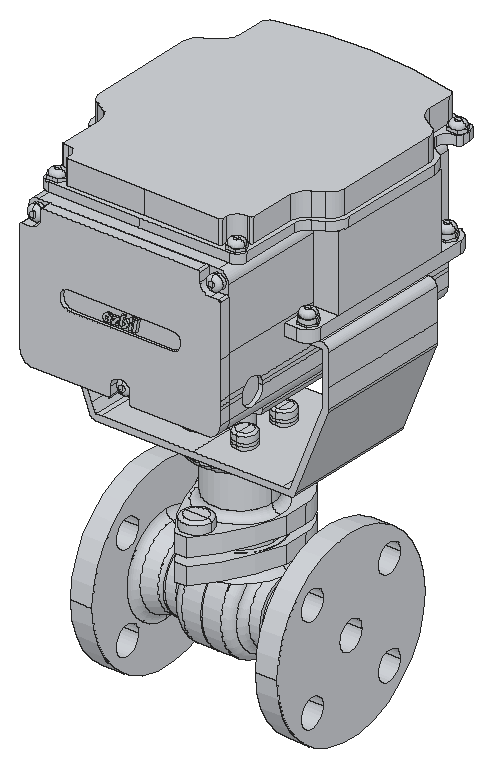
Revit family "電動二方弁_ver2019(ロゴあり)", category 電気設備, Revit 2019 (continued)
Automatic sketch dimensions
  Revolve 33 sketch curve to Revolve 33 sketch curve = 0 mm  (x3)
  Revolve 34 sketch curve to plane 1 "中心(正面/背面)" = 6.975 mm
  Revolve 34 sketch curve to Revolve 34 sketch curve = 5.525 mm
  level to Revolve 34 sketch curve = 125.7 mm
  Revolve 34 sketch curve to Revolve 34 sketch curve = 1.6 mm
  Revolve 34 sketch curve to Revolve 34 sketch curve = 3.2 mm
  Revolve 34 sketch curve to Revolve 34 sketch curve = 0 mm  (x3)
  Revolve 35 sketch curve to plane 3 "中心(左/右)" = 0 mm  (x2)
  Revolve 35 sketch curve to plane 3 "中心(左/右)" = 4.75 mm
  level to Revolve 35 sketch curve = 137.956 mm
  Revolve 35 sketch curve to Revolve 35 sketch curve = 1.544 mm
  Revolve 35 sketch curve to Revolve 35 sketch curve = 0 mm  (x2)
  Revolve 36 sketch curve to plane 3 "中心(左/右)" = 0 mm  (x2)
  Revolve 36 sketch curve to Revolve 36 sketch curve = 10.268 mm
  Revolve 36 sketch curve to Revolve 36 sketch curve = 8.578 mm
  Revolve 36 sketch curve to Revolve 36 sketch curve = 1.153 mm
  Revolve 36 sketch curve to Revolve 36 sketch curve = 6.678 mm
  Revolve 36 sketch curve to Revolve 36 sketch curve = 2.476 mm
  level to Revolve 36 sketch curve = 65.495 mm
  Revolve 36 sketch curve to Revolve 36 sketch curve = 2.236 mm
  Revolve 36 sketch curve to Revolve 36 sketch curve = 3.62 mm
  Revolve 36 sketch curve to Revolve 36 sketch curve = 4.769 mm
  Revolve 36 sketch curve to Revolve 36 sketch curve = 3.897 mm
  Revolve 36 sketch curve to Revolve 36 sketch curve = 0 mm  (x2)
  Extrusion 37 sketch curve to plane 3 "中心(左/右)" = 47 mm
  Extrusion 37 sketch curve to Extrusion 37 sketch curve = 2.5 mm
  Extrusion 37 sketch curve to Extrusion 37 sketch curve = 3 mm
  Extrusion 37 sketch curve to Extrusion 37 sketch curve = 1.558 mm
  plane 3 "中心(左/右)" to Extrusion 37 sketch curve = 44 mm
  Extrusion 37 sketch curve to Extrusion 37 sketch curve = 0.5 mm
  Extrusion 37 sketch curve to Extrusion 37 sketch curve = 0.525 mm
  Extrusion 37 sketch curve to Extrusion 37 sketch curve = 2.475 mm
  level to Extrusion 37 sketch curve = 164.5 mm
  Extrusion 37 sketch curve to Extrusion 37 sketch curve = 1.5 mm
  Extrusion 37 sketch curve to Extrusion 37 sketch curve = 1.652 mm
  Extrusion 37 sketch curve to Extrusion 37 sketch curve = 1.962 mm
  Revolve 38 sketch curve to plane 3 "中心(左/右)" = 0 mm  (x2)
  Revolve 38 sketch curve to plane 3 "中心(左/右)" = 5.688 mm
  Revolve 38 sketch curve to Revolve 38 sketch curve = 1.896 mm
  level to Revolve 38 sketch curve = 90.3 mm
  Revolve 38 sketch curve to Revolve 38 sketch curve = 3.216 mm
  Revolve 38 sketch curve to Revolve 38 sketch curve = 1.117 mm
  Revolve 38 sketch curve to Revolve 38 sketch curve = 0 mm  (x2)
  Revolve 39 sketch curve to plane 3 "中心(左/右)" = 0 mm  (x2)
  Revolve 39 sketch curve to plane 3 "中心(左/右)" = 16.5 mm
  Revolve 39 sketch curve to Revolve 39 sketch curve = 2 mm  (x2)
  Revolve 39 sketch curve to Revolve 39 sketch curve = 4 mm  (x2)
  level to Revolve 39 sketch curve = 90.3 mm
  Revolve 39 sketch curve to Revolve 39 sketch curve = 19 mm
  Revolve 39 sketch curve to Revolve 39 sketch curve = 0 mm  (x4)
  Revolve 40 sketch curve to plane 3 "中心(左/右)" = 0 mm  (x2)
  Revolve 40 sketch curve to plane 3 "中心(左/右)" = 4 mm
  level to Revolve 40 sketch curve = 77 mm
  Revolve 40 sketch curve to Revolve 40 sketch curve = 4.3 mm
  Revolve 40 sketch curve to Revolve 40 sketch curve = 1.5 mm
  Revolve 40 sketch curve to Revolve 40 sketch curve = 0 mm
  plane 3 "中心(左/右)" to Extrusion 41 sketch curve = 51.5 mm
  Extrusion 41 sketch curve to Extrusion 41 sketch curve = 5.8 mm
  Extrusion 41 sketch curve to Extrusion 41 sketch curve = 6 mm
  Extrusion 41 sketch curve to Extrusion 41 sketch curve = 6.5 mm
  Extrusion 41 sketch curve to Extrusion 41 sketch curve = 0.5 mm
  Extrusion 41 sketch curve to Extrusion 41 sketch curve = 3.7 mm
  Extrusion 41 sketch curve to Extrusion 41 sketch curve = 7 mm
  plane 1 "中心(正面/背面)" to Extrusion 41 sketch curve = 36.395 mm
  Extrusion 41 sketch curve to plane 1 "中心(正面/背面)" = 60.605 mm
  Extrusion 41 sketch curve to Extrusion 41 sketch curve = 0.7 mm
  Extrusion 41 sketch curve to Extrusion 41 sketch curve = 7.785 mm
  Extrusion 41 sketch curve to Extrusion 41 sketch curve = 2.098 mm
  Extrusion 41 sketch curve to Extrusion 41 sketch curve = 0 mm
  Extrusion 41 sketch curve to Extrusion 41 sketch curve = 1.226 mm
  Extrusion 42 sketch curve to plane 3 "中心(左/右)" = 51.5 mm
  Extrusion 42 sketch curve to Extrusion 42 sketch curve = 5.8 mm
  Extrusion 42 sketch curve to Extrusion 42 sketch curve = 6 mm
  Extrusion 42 sketch curve to Extrusion 42 sketch curve = 6.5 mm
  Extrusion 42 sketch curve to Extrusion 42 sketch curve = 0.5 mm
  Extrusion 42 sketch curve to Extrusion 42 sketch curve = 3.7 mm
  Extrusion 42 sketch curve to Extrusion 42 sketch curve = 7 mm
  Extrusion 42 sketch curve to plane 1 "中心(正面/背面)" = 69.302 mm
  Extrusion 42 sketch curve to Extrusion 42 sketch curve = 0.212 mm
  Extrusion 42 sketch curve to Extrusion 42 sketch curve = 7.997 mm
  Extrusion 42 sketch curve to Extrusion 42 sketch curve = 0.7 mm
  plane 1 "中心(正面/背面)" to Extrusion 42 sketch curve = 29.395 mm
  Extrusion 42 sketch curve to Extrusion 42 sketch curve = 0 mm
  Extrusion 42 sketch curve to Extrusion 42 sketch curve = 1.226 mm
  Extrusion 43 sketch curve to plane 3 "中心(左/右)" = 64.592 mm
  Extrusion 43 sketch curve to Extrusion 43 sketch curve = 3.729 mm
  Extrusion 43 sketch curve to Extrusion 43 sketch curve = 1.085 mm  (x2)
  Extrusion 43 sketch curve to Extrusion 43 sketch curve = 2.797 mm  (x4)
  Extrusion 43 sketch curve to Extrusion 43 sketch curve = 7.85 mm
  Extrusion 43 sketch curve to Extrusion 43 sketch curve = 2.643 mm
  Extrusion 43 sketch curve to level = 130.361 mm
  Extrusion 43 sketch curve to Extrusion 43 sketch curve = 1.447 mm
  Extrusion 44 sketch curve to plane 3 "中心(左/右)" = 28.5 mm
  plane 3 "中心(左/右)" to Extrusion 44 sketch curve = 28.5 mm
  level to Extrusion 44 sketch curve = 161 mm
  Extrusion 44 sketch curve to Extrusion 44 sketch curve = 0.788 mm
  Revolve 45 sketch curve to plane 3 "中心(左/右)" = 60.5 mm
  Revolve 45 sketch curve to Revolve 45 sketch curve = 2.25 mm
  level to Revolve 45 sketch curve = 197.236 mm
  Revolve 45 sketch curve to Revolve 45 sketch curve = 2.264 mm
  Revolve 45 sketch curve to Revolve 45 sketch curve = 0 mm
  Revolve 45 sketch curve to Revolve 45 sketch curve = 0.936 mm
  Revolve 45 sketch curve to Revolve 45 sketch curve = 1.8 mm
  Revolve 46 sketch curve to plane 3 "中心(左/右)" = 60.5 mm
  Revolve 46 sketch curve to Revolve 46 sketch curve = 2.25 mm
  level to Revolve 46 sketch curve = 197.236 mm
  Revolve 46 sketch curve to Revolve 46 sketch curve = 2.264 mm
  Revolve 46 sketch curve to Revolve 46 sketch curve = 0 mm
  Revolve 46 sketch curve to Revolve 46 sketch curve = 0.936 mm
  Revolve 46 sketch curve to Revolve 46 sketch curve = 1.8 mm
  plane 3 "中心(左/右)" to Revolve 47 sketch curve = 56.375 mm
  Revolve 47 sketch curve to Revolve 47 sketch curve = 2.25 mm
  level to Revolve 47 sketch curve = 197.236 mm
  Revolve 47 sketch curve to Revolve 47 sketch curve = 2.264 mm
  Revolve 47 sketch curve to Revolve 47 sketch curve = 0 mm
  Revolve 47 sketch curve to Revolve 47 sketch curve = 0.936 mm
  Revolve 47 sketch curve to Revolve 47 sketch curve = 1.8 mm
  plane 3 "中心(左/右)" to Revolve 48 sketch curve = 56.375 mm
  Revolve 48 sketch curve to Revolve 48 sketch curve = 2.25 mm
  level to Revolve 48 sketch curve = 197.236 mm
  Revolve 48 sketch curve to Revolve 48 sketch curve = 2.264 mm
  Revolve 48 sketch curve to Revolve 48 sketch curve = 0 mm
  Revolve 48 sketch curve to Revolve 48 sketch curve = 0.936 mm
  Revolve 48 sketch curve to Revolve 48 sketch curve = 1.8 mm
  Extrusion 49 sketch curve to plane 1 "中心(正面/背面)" = 25.952 mm
  Extrusion 49 sketch curve to plane 3 "中心(左/右)" = 74.125 mm
  Extrusion 49 sketch curve to plane 1 "中心(正面/背面)" = 13.532 mm  (x2)
  Extrusion 49 sketch curve to plane 3 "中心(左/右)" = 23 mm
  Extrusion 49 sketch curve to plane 3 "中心(左/右)" = 6.954 mm
  Extrusion 49 sketch curve to plane 3 "中心(左/右)" = 3.046 mm
  Extrusion 49 sketch curve to plane 3 "中心(左/右)" = 1.923 mm
  plane 3 "中心(左/右)" to Extrusion 49 sketch curve = 1.923 mm
  plane 3 "中心(左/右)" to Extrusion 49 sketch curve = 3.046 mm
  plane 3 "中心(左/右)" to Extrusion 49 sketch curve = 6.954 mm
  Extrusion 49 sketch curve to Extrusion 49 sketch curve = 51.125 mm
  Extrusion 49 sketch curve to plane 1 "中心(正面/背面)" = 1.214 mm  (x2)
  Revolve 50 sketch curve to plane 3 "中心(左/右)" = 0 mm  (x2)
  Revolve 50 sketch curve to plane 3 "中心(左/右)" = 23 mm
  Revolve 50 sketch curve to Revolve 50 sketch curve = 2 mm  (x2)
  level to Revolve 50 sketch curve = 115.3 mm
  Revolve 50 sketch curve to Revolve 50 sketch curve = 5.2 mm
  Revolve 50 sketch curve to Revolve 50 sketch curve = 0.2 mm
  Extrusion 51 sketch curve to plane 1 "中心(正面/背面)" = 25.952 mm
  Extrusion 51 sketch curve to plane 3 "中心(左/右)" = 74.125 mm
  Extrusion 51 sketch curve to plane 1 "中心(正面/背面)" = 13.532 mm  (x2)
  Extrusion 51 sketch curve to plane 3 "中心(左/右)" = 23 mm
  Extrusion 51 sketch curve to plane 3 "中心(左/右)" = 6.954 mm
  Extrusion 51 sketch curve to plane 3 "中心(左/右)" = 3.046 mm
  Extrusion 51 sketch curve to plane 3 "中心(左/右)" = 1.923 mm
  plane 3 "中心(左/右)" to Extrusion 51 sketch curve = 1.923 mm
  plane 3 "中心(左/右)" to Extrusion 51 sketch curve = 3.046 mm
  plane 3 "中心(左/右)" to Extrusion 51 sketch curve = 6.954 mm
  Extrusion 51 sketch curve to Extrusion 51 sketch curve = 51.125 mm
  Extrusion 51 sketch curve to plane 1 "中心(正面/背面)" = 1.214 mm  (x2)
  Revolve 52 sketch curve to plane 3 "中心(左/右)" = 0 mm  (x2)
  Revolve 52 sketch curve to plane 3 "中心(左/右)" = 17.5 mm
  level to Revolve 52 sketch curve = 77 mm
  Revolve 52 sketch curve to Revolve 52 sketch curve = 4.3 mm
  Revolve 52 sketch curve to Revolve 52 sketch curve = 0 mm  (x2)
  Extrusion 53 sketch curve to plane 1 "中心(正面/背面)" = 24.749 mm
  level to Extrusion 53 sketch curve = 72.249 mm
  Extrusion 54 sketch curve to plane 1 "中心(正面/背面)" = 24.749 mm
  level to Extrusion 54 sketch curve = 22.751 mm
  plane 1 "中心(正面/背面)" to Extrusion 55 sketch curve = 24.749 mm
  level to Extrusion 55 sketch curve = 22.751 mm
  plane 1 "中心(正面/背面)" to Extrusion 56 sketch curve = 24.749 mm
  level to Extrusion 56 sketch curve = 22.751 mm
  Extrusion 57 sketch curve to plane 1 "中心(正面/背面)" = 0 mm
  level to Extrusion 57 sketch curve = 47.5 mm
  plane 1 "中心(正面/背面)" to Revolve 58 sketch curve = 75.7 mm
  Revolve 58 sketch curve to Revolve 58 sketch curve = 2 mm
  Revolve 58 sketch curve to Revolve 58 sketch curve = 0.6 mm
  level to Revolve 58 sketch curve = 238.5 mm
  Revolve 58 sketch curve to Revolve 58 sketch curve = 1.75 mm
  Revolve 58 sketch curve to Revolve 58 sketch curve = 0 mm  (x3)
  plane 1 "中心(正面/背面)" to Revolve 59 sketch curve = 73.1 mm
  Revolve 59 sketch curve to Revolve 59 sketch curve = 1.6 mm
  level to Revolve 59 sketch curve = 238.5 mm
  Revolve 59 sketch curve to Revolve 59 sketch curve = 3.75 mm
  Revolve 59 sketch curve to Revolve 59 sketch curve = 0 mm  (x3)
  plane 1 "中心(正面/背面)" to Revolve 60 sketch curve = 75.7 mm
  Revolve 60 sketch curve to Revolve 60 sketch curve = 2 mm
  Revolve 60 sketch curve to Revolve 60 sketch curve = 0.6 mm
  level to Revolve 60 sketch curve = 238.5 mm
  Revolve 60 sketch curve to Revolve 60 sketch curve = 1.75 mm
  Revolve 60 sketch curve to Revolve 60 sketch curve = 0 mm  (x3)
  plane 1 "中心(正面/背面)" to Revolve 61 sketch curve = 73.1 mm
  Revolve 61 sketch curve to Revolve 61 sketch curve = 1.6 mm
  level to Revolve 61 sketch curve = 238.5 mm
  Revolve 61 sketch curve to Revolve 61 sketch curve = 3.75 mm
  Revolve 61 sketch curve to Revolve 61 sketch curve = 0 mm  (x3)
  plane 1 "中心(正面/背面)" to Revolve 62 sketch curve = 75.7 mm
  Revolve 62 sketch curve to Revolve 62 sketch curve = 2 mm
  Revolve 62 sketch curve to Revolve 62 sketch curve = 0.6 mm
  level to Revolve 62 sketch curve = 174.5 mm
  Revolve 62 sketch curve to Revolve 62 sketch curve = 1.75 mm
  Revolve 62 sketch curve to Revolve 62 sketch curve = 0 mm  (x3)
  plane 1 "中心(正面/背面)" to Revolve 63 sketch curve = 73.1 mm
  Revolve 63 sketch curve to Revolve 63 sketch curve = 1.6 mm
  level to Revolve 63 sketch curve = 174.5 mm
  Revolve 63 sketch curve to Revolve 63 sketch curve = 3.75 mm
  Revolve 63 sketch curve to Revolve 63 sketch curve = 0 mm  (x3)
  Extrusion 64 sketch curve to plane 3 "中心(左/右)" = 65 mm
  Extrusion 64 sketch curve to Extrusion 64 sketch curve = 13.382 mm
  Extrusion 64 sketch curve to Extrusion 64 sketch curve = 5.3 mm  (x2)
  level to Extrusion 64 sketch curve = 205.5 mm
  Extrusion 64 sketch curve to Extrusion 64 sketch curve = 33.2 mm
  Extrusion 64 sketch curve to Extrusion 64 sketch curve = 0 mm
  Extrusion 65 sketch curve to plane 3 "中心(左/右)" = 65 mm
  Extrusion 65 sketch curve to Extrusion 65 sketch curve = 13.382 mm
  Extrusion 65 sketch curve to Extrusion 65 sketch curve = 5.3 mm  (x2)
  Extrusion 65 sketch curve to level = 205.5 mm
  Extrusion 65 sketch curve to Extrusion 65 sketch curve = 33.2 mm
  Extrusion 65 sketch curve to Extrusion 65 sketch curve = 0 mm
  Extrusion 66 sketch curve to plane 3 "中心(左/右)" = 7.352 mm
  Extrusion 66 sketch curve to Extrusion 66 sketch curve = 0.489 mm
  Extrusion 66 sketch curve to Extrusion 66 sketch curve = 0.491 mm
  Extrusion 66 sketch curve to Extrusion 66 sketch curve = 0.142 mm
  Extrusion 66 sketch curve to Extrusion 66 sketch curve = 0.117 mm
  Extrusion 66 sketch curve to Extrusion 66 sketch curve = 0.229 mm
  Extrusion 66 sketch curve to Extrusion 66 sketch curve = 1.394 mm
  Extrusion 66 sketch curve to Extrusion 66 sketch curve = 0.569 mm
  Extrusion 66 sketch curve to Extrusion 66 sketch curve = 0.155 mm
  Extrusion 66 sketch curve to Extrusion 66 sketch curve = 0.378 mm
  Extrusion 66 sketch curve to Extrusion 66 sketch curve = 0.2 mm
  Extrusion 66 sketch curve to Extrusion 66 sketch curve = 1.855 mm
  Extrusion 66 sketch curve to Extrusion 66 sketch curve = 1.579 mm
  Extrusion 66 sketch curve to plane 3 "中心(左/右)" = 0.981 mm
  Extrusion 66 sketch curve to plane 3 "中心(左/右)" = 0.781 mm
  Extrusion 66 sketch curve to plane 3 "中心(左/右)" = 0.508 mm
  Extrusion 66 sketch curve to plane 3 "中心(左/右)" = 0.342 mm
  Extrusion 66 sketch curve to plane 3 "中心(左/右)" = 0.164 mm
  plane 3 "中心(左/右)" to Extrusion 66 sketch curve = 0.657 mm
  plane 3 "中心(左/右)" to Extrusion 66 sketch curve = 1.092 mm
  Extrusion 66 sketch curve to Extrusion 66 sketch curve = 0.289 mm
  Extrusion 66 sketch curve to Extrusion 66 sketch curve = 0.328 mm
  Extrusion 66 sketch curve to Extrusion 66 sketch curve = 0.178 mm
  Extrusion 66 sketch curve to Extrusion 66 sketch curve = 1.372 mm  (x3)
  Extrusion 66 sketch curve to Extrusion 66 sketch curve = 0.631 mm
  Extrusion 66 sketch curve to Extrusion 66 sketch curve = 1.319 mm
  Extrusion 66 sketch curve to Extrusion 66 sketch curve = 1.671 mm
  Extrusion 66 sketch curve to Extrusion 66 sketch curve = 2.215 mm
  Extrusion 66 sketch curve to Extrusion 66 sketch curve = 0.082 mm
  Extrusion 66 sketch curve to Extrusion 66 sketch curve = 1.435 mm
  Extrusion 66 sketch curve to Extrusion 66 sketch curve = 0.804 mm
  Extrusion 66 sketch curve to Extrusion 66 sketch curve = 2.601 mm
  Extrusion 66 sketch curve to Extrusion 66 sketch curve = 1.371 mm
  Extrusion 66 sketch curve to Extrusion 66 sketch curve = 1.566 mm
  level to Extrusion 66 sketch curve = 202.767 mm
  Extrusion 66 sketch curve to Extrusion 66 sketch curve = 0.735 mm
  Extrusion 66 sketch curve to Extrusion 66 sketch curve = 0.019 mm
  Extrusion 66 sketch curve to Extrusion 66 sketch curve = 0.754 mm  (x2)
  Extrusion 66 sketch curve to Extrusion 66 sketch curve = 0 mm  (x2)
  Extrusion 66 sketch curve to Extrusion 66 sketch curve = 0.88 mm
  Extrusion 66 sketch curve to Extrusion 66 sketch curve = 1.02 mm
  Extrusion 66 sketch curve to Extrusion 66 sketch curve = 1.135 mm
  Extrusion 66 sketch curve to Extrusion 66 sketch curve = 0.115 mm
  Extrusion 66 sketch curve to Extrusion 66 sketch curve = 0.255 mm
  Extrusion 66 sketch curve to Extrusion 66 sketch curve = 0.417 mm
  Extrusion 66 sketch curve to Extrusion 66 sketch curve = 0.589 mm
  Extrusion 66 sketch curve to Extrusion 66 sketch curve = 0.605 mm
  Extrusion 66 sketch curve to Extrusion 66 sketch curve = 1.352 mm
  Extrusion 66 sketch curve to Extrusion 66 sketch curve = 0.664 mm
  Extrusion 66 sketch curve to Extrusion 66 sketch curve = 0.822 mm
  Extrusion 66 sketch curve to Extrusion 66 sketch curve = 1.703 mm
  Extrusion 66 sketch curve to Extrusion 66 sketch curve = 0.199 mm
  Extrusion 66 sketch curve to Extrusion 66 sketch curve = 0.423 mm
  Extrusion 66 sketch curve to Extrusion 66 sketch curve = 1.398 mm
  Extrusion 66 sketch curve to Extrusion 66 sketch curve = 0.361 mm
  Extrusion 66 sketch curve to Extrusion 66 sketch curve = 1.151 mm
  Extrusion 66 sketch curve to Extrusion 66 sketch curve = 0.851 mm
  Extrusion 66 sketch curve to Extrusion 66 sketch curve = 2.516 mm
  Extrusion 66 sketch curve to Extrusion 66 sketch curve = 1.991 mm
  Extrusion 66 sketch curve to Extrusion 66 sketch curve = 1.645 mm
  Extrusion 66 sketch curve to Extrusion 66 sketch curve = 0.338 mm
  plane 3 "中心(左/右)" to Extrusion 66 sketch curve = 0.171 mm
  Extrusion 66 sketch curve to Extrusion 66 sketch curve = 0.13 mm
  Extrusion 66 sketch curve to Extrusion 66 sketch curve = 0.662 mm
  Extrusion 66 sketch curve to Extrusion 66 sketch curve = 1.164 mm
  Extrusion 67 sketch curve to plane 3 "中心(左/右)" = 7.567 mm
  plane 3 "中心(左/右)" to Extrusion 67 sketch curve = 1.228 mm
  level to Extrusion 67 sketch curve = 204.646 mm
  Extrusion 67 sketch curve to Extrusion 67 sketch curve = 0.831 mm  (x2)
  Extrusion 67 sketch curve to Extrusion 67 sketch curve = 0.039 mm
  Extrusion 68 sketch curve to plane 3 "中心(左/右)" = 25.841 mm
  plane 3 "中心(左/右)" to Extrusion 68 sketch curve = 26.159 mm
  level to Extrusion 68 sketch curve = 201.5 mm
  Extrusion 68 sketch curve to Extrusion 68 sketch curve = 5 mm
  Revolve 69 sketch curve to plane 3 "中心(左/右)" = 61.28 mm
  Revolve 69 sketch curve to Revolve 69 sketch curve = 1.501 mm
  Revolve 69 sketch curve to Revolve 69 sketch curve = 1.75 mm
  level to Revolve 69 sketch curve = 208.5 mm
  Revolve 69 sketch curve to Revolve 69 sketch curve = 1.322 mm
  Revolve 69 sketch curve to Revolve 69 sketch curve = 0 mm  (x2)
  Revolve 69 sketch curve to Revolve 69 sketch curve = 0.722 mm
  Extrusion 70 sketch curve to plane 3 "中心(左/右)" = 58 mm
  Extrusion 70 sketch curve to plane 1 "中心(正面/背面)" = 59.98 mm
  Extrusion 71 sketch curve to plane 3 "中心(左/右)" = 62.907 mm
  Extrusion 71 sketch curve to Extrusion 71 sketch curve = 2.454 mm  (x5)
  Extrusion 71 sketch curve to Extrusion 71 sketch curve = 4.907 mm
  Extrusion 71 sketch curve to plane 1 "中心(正面/背面)" = 55.73 mm
  Extrusion 71 sketch curve to Extrusion 71 sketch curve = 4.25 mm  (x3)
  Revolve 72 sketch curve to plane 3 "中心(左/右)" = 61.28 mm
  Revolve 72 sketch curve to Revolve 72 sketch curve = 1.501 mm
  Revolve 72 sketch curve to Revolve 72 sketch curve = 1.75 mm
  level to Revolve 72 sketch curve = 208.5 mm
  Revolve 72 sketch curve to Revolve 72 sketch curve = 1.322 mm
  Revolve 72 sketch curve to Revolve 72 sketch curve = 0 mm  (x2)
  Revolve 72 sketch curve to Revolve 72 sketch curve = 0.722 mm
  plane 3 "中心(左/右)" to Extrusion 73 sketch curve = 58.5 mm
  plane 1 "中心(正面/背面)" to Extrusion 73 sketch curve = 29.395 mm
  plane 3 "中心(左/右)" to Extrusion 74 sketch curve = 53.593 mm
  plane 1 "中心(正面/背面)" to Extrusion 74 sketch curve = 25.145 mm
  Extrusion 74 sketch curve to Extrusion 74 sketch curve = 2.454 mm  (x5)
  Extrusion 74 sketch curve to Extrusion 74 sketch curve = 4.907 mm
  plane 1 "中心(正面/背面)" to Extrusion 74 sketch curve = 29.395 mm
  Extrusion 74 sketch curve to Extrusion 74 sketch curve = 4.25 mm  (x2)
  plane 3 "中心(左/右)" to Revolve 75 sketch curve = 55.22 mm
  Revolve 75 sketch curve to Revolve 75 sketch curve = 1.501 mm
  Revolve 75 sketch curve to Revolve 75 sketch curve = 1.75 mm
  level to Revolve 75 sketch curve = 208.5 mm
  Revolve 75 sketch curve to Revolve 75 sketch curve = 1.322 mm
  Revolve 75 sketch curve to Revolve 75 sketch curve = 0 mm  (x2)
  Revolve 75 sketch curve to Revolve 75 sketch curve = 0.722 mm
  plane 3 "中心(左/右)" to Extrusion 76 sketch curve = 58.5 mm
  Extrusion 76 sketch curve to plane 1 "中心(正面/背面)" = 59.98 mm
  plane 3 "中心(左/右)" to Extrusion 77 sketch curve = 53.593 mm
  Extrusion 77 sketch curve to Extrusion 77 sketch curve = 2.454 mm  (x5)
  Extrusion 77 sketch curve to Extrusion 77 sketch curve = 4.907 mm
  Extrusion 77 sketch curve to plane 1 "中心(正面/背面)" = 55.73 mm
  Extrusion 77 sketch curve to Extrusion 77 sketch curve = 4.25 mm  (x3)
  plane 3 "中心(左/右)" to Revolve 78 sketch curve = 55.22 mm
  Revolve 78 sketch curve to Revolve 78 sketch curve = 1.501 mm
  Revolve 78 sketch curve to Revolve 78 sketch curve = 1.75 mm
  level to Revolve 78 sketch curve = 208.5 mm
  Revolve 78 sketch curve to Revolve 78 sketch curve = 1.322 mm
  Revolve 78 sketch curve to Revolve 78 sketch curve = 0 mm  (x2)
  Revolve 78 sketch curve to Revolve 78 sketch curve = 0.722 mm
  plane 3 "中心(左/右)" to Revolve 79 sketch curve = 50.936 mm
  Revolve 79 sketch curve to Revolve 79 sketch curve = 1.908 mm
  Revolve 79 sketch curve to Revolve 79 sketch curve = 1.75 mm
  level to Revolve 79 sketch curve = 250.1 mm
  Revolve 79 sketch curve to Revolve 79 sketch curve = 0.6 mm
  Revolve 79 sketch curve to Revolve 79 sketch curve = 0 mm  (x3)
  Revolve 80 sketch curve to plane 3 "中心(左/右)" = 57.314 mm
  Revolve 80 sketch curve to Revolve 80 sketch curve = 1.908 mm
  Revolve 80 sketch curve to Revolve 80 sketch curve = 1.75 mm
  level to Revolve 80 sketch curve = 250.1 mm
  Revolve 80 sketch curve to Revolve 80 sketch curve = 0.6 mm
  Revolve 80 sketch curve to Revolve 80 sketch curve = 0 mm  (x3)
  plane 3 "中心(左/右)" to Extrusion 81 sketch curve = 49.531 mm
  Extrusion 81 sketch curve to Extrusion 81 sketch curve = 2.133 mm  (x2)
  Extrusion 81 sketch curve to Extrusion 81 sketch curve = 2.177 mm
  Extrusion 81 sketch curve to Extrusion 81 sketch curve = 2.731 mm  (x2)
  Extrusion 81 sketch curve to Extrusion 81 sketch curve = 5.55 mm
  Extrusion 81 sketch curve to plane 1 "中心(正面/背面)" = 68.153 mm
  Extrusion 81 sketch curve to Extrusion 81 sketch curve = 3.694 mm  (x2)
  Extrusion 81 sketch curve to Extrusion 81 sketch curve = 3.771 mm
  Extrusion 82 sketch curve to plane 3 "中心(左/右)" = 58.719 mm
  Extrusion 82 sketch curve to Extrusion 82 sketch curve = 2.133 mm  (x2)
  Extrusion 82 sketch curve to Extrusion 82 sketch curve = 2.177 mm
  Extrusion 82 sketch curve to Extrusion 82 sketch curve = 2.731 mm  (x2)
  Extrusion 82 sketch curve to Extrusion 82 sketch curve = 5.55 mm
  Extrusion 82 sketch curve to plane 1 "中心(正面/背面)" = 68.153 mm
  Extrusion 82 sketch curve to Extrusion 82 sketch curve = 3.694 mm  (x2)
  Extrusion 82 sketch curve to Extrusion 82 sketch curve = 3.771 mm
  Extrusion 1 sketch curve to plane 1 "中心(正面/背面)" = 0 mm
  level to Extrusion 1 sketch curve = 47.437 mm
  Extrusion 7 sketch curve to plane 1 "中心(正面/背面)" = 0 mm
  level to Extrusion 7 sketch curve = 47.437 mm
  plane 1 "中心(正面/背面)" to Extrusion 83 sketch curve = 56.39 mm
  level to Extrusion 83 sketch curve = 182.782 mm
  plane 1 "中心(正面/背面)" to Extrusion 84 sketch curve = 56.39 mm
  level to Extrusion 84 sketch curve = 182.782 mm
  radius of Extrusion 2 sketch curve = 7.5 mm
  radius of Extrusion 3 sketch curve = 7.5 mm
  radius of Extrusion 4 sketch curve = 7.5 mm
  radius of Extrusion 5 sketch curve = 7.5 mm
  radius of Extrusion 6 sketch curve = 7.5 mm
  radius of Extrusion 8 sketch curve = 7.5 mm
  radius of Extrusion 12 sketch curve = 4.25 mm
  radius of Extrusion 53 sketch curve = 7.5 mm
  radius of Extrusion 54 sketch curve = 7.5 mm
  radius of Extrusion 55 sketch curve = 7.5 mm
  radius of Extrusion 56 sketch curve = 7.5 mm
  radius of Extrusion 57 sketch curve = 7.5 mm
  radius of Extrusion 70 sketch curve = 4.25 mm
  radius of Extrusion 73 sketch curve = 4.25 mm
  radius of Extrusion 76 sketch curve = 4.25 mm
Connectors
  piping at (56.882, 0, 47.437), diameter 95, driven by "配管φ"
    settings: on cut or joined group of Extrusion 1, Extrusion 2, Extrusion 3, Extrusion 4, Extrusion 5, Extrusion 6, Extrusion 8, Extrusion 55, index 1, connector inside diameter 609.6 mm, connector length 0 mm, flow factor 0, pipe flow 0.0 L/s, pressure drop 0.0 Pa, fitting loss kfactor 0, connector angle 0.00°, fixture units 0, engagement length 0 mm, angle of deflection 0.00°, flow configuration 0, flow direction 0, fitting loss method 0, system type 19, joint type 0, gender type 0, connector reference index -1, connector utility 0, adjustable connector no, is connector primary yes, connector description ""
  piping at (-49.118, 0, 47.437), diameter 95, driven by "配管2φ"
    settings: on cut or joined group of Extrusion 7, Extrusion 8, Extrusion 53, Extrusion 54, Extrusion 56, Extrusion 57, index 2, connector inside diameter 609.6 mm, connector length 0 mm, flow factor 0, pipe flow 0.0 L/s, pressure drop 0.0 Pa, fitting loss kfactor 0, connector angle 0.00°, fixture units 0, engagement length 0 mm, angle of deflection 0.00°, flow configuration 0, flow direction 0, fitting loss method 0, system type 19, joint type 0, gender type 0, connector reference index -1, connector utility 0, adjustable connector no, is connector primary no, connector description ""
  cabletrayconduit at (-48.8, -56.39, 182.782), diameter 14.031, driven by "配線φ(左側)"
    settings: on cut or joined group of Extrusion 22, Extrusion 83, Extrusion 84, index 3, connector width 300 mm, connector height 300 mm, connector angle 0.00°, system type 32, placement type 0, profile type 0, connector reference index -1, is primary connector yes, connector utility param no, connector description ""
  cabletrayconduit at (-48.8, -56.39, 182.782), diameter 14.031, driven by "配線φ(左側)"
    settings: on cut or joined group of Extrusion 22, Extrusion 83, Extrusion 84, index 4, connector width 300 mm, connector height 300 mm, connector angle 0.00°, system type 32, placement type 0, profile type 0, connector reference index -1, is primary connector no, connector utility param no, connector description ""
  cabletrayconduit at (48.8, -56.39, 182.782), diameter 14.031, driven by "配線φ(右側)"
    settings: on cut or joined group of Extrusion 22, Extrusion 83, Extrusion 84, index 5, connector width 300 mm, connector height 300 mm, connector angle 0.00°, system type 32, placement type 0, profile type 0, connector reference index -1, is primary connector no, connector utility param no, connector description ""
